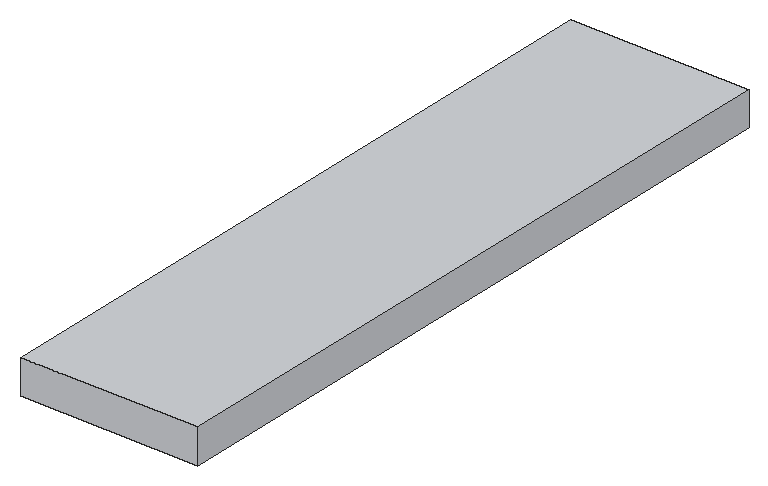
Revit family "ERK9985W_RAD770N", category 照明器具, Revit 2020
Family settings
  丸型コネクタ寸法 = 直径を使用
  パーツ タイプ = 標準
  OmniClass 番号 = 23.80.70.11.14
  OmniClass タイトル = General Luminaries, Directional
  作業面ベース = いいえ
  常に垂直 = はい
  ロード時にボイドで切り取り = はい
  光源 = はい
  共有 = いいえ
  部屋計算ポイント = いいえ
Parameters (values of type "ERK9985W_RAD770N")
  電源種別_記号 = "AC"
  電源種別 = ""
  防災用照明器具電源種別 = ""
  防災用照明器具種類 = ""
  運転質量 = 0.00 kg
  質量 = 0.00 kg
  負荷分類 = 8_照明
  積算_科目2 = "[1_1]照明"
  説明 = "ベースライト 下面開放 40Wタイプ W+300 埋込"
  誘導灯形式 = ""
  誘導灯仕様 = ""
  認定番号 = ""
  設置方法 = ""
  記号 = ""
  製造元 = "株式会社遠藤照明"
  製品質量 = 0.00 kg
  製品出荷対象 = ""
  製品リリース年月 = "2023.04"
  製品グループ = ""
  背面形式 = ""
  系統 [instance] = ""
  符号 = ""
  積算_科目 = "1 電灯設備"
  積算_拾い区分 = ""
  種別 [instance] = ""
  相 = 1
  皮相負荷 = 0 VA
  用途 = "E_一般照明"
  特殊仕様 [instance] = ""
  照明制御装置の種類 = ""
  法定耐用年数 = ""
  極数 = 1
  材質_本体 = none
  材質_反射板 = none
  材質_ルーバー = none
  材質_カバー = none
  材質 = ""
  既定の高さ = 0 mm
  形式 = "ベースライト"
  平均演色評価数(Ra) = 82
  定格消費電力 = 24.1 W
  定格入力電流 = 0 A
  定格入力電圧 = 0 V
  定格入力容量 = 0 VA
  定格光束 = 4000 lm
  安定器_蛍光灯 = ""
  安定器_定格電圧 = 0 V
  安定器_入力電流 = 0 A
  安定器_入力電力 = 0 W
  安定器_二次電圧 = 0 V
  埋込高さ = "58"
  埋込穴寸法 = "300x1257"
  固有エネルギー消費効率(lm/W) = 165.9
  器具サイズ = ""
  呼称 = "ベースライト"
  周波数 = 0 Hz
  参照している仕様書等のバージョン = ""
  分類コード = "40305100000000"
  分類グループ = ""
  公共型番 = "LRS20-4-37"
  傾斜角 = 90.00°
  価格 = 32700
  企業コード = "6932"
  付属品 = ""
  仕様書バージョン = ""
  仕様 = ""
  Wattage = 26.9284 W
  built-in parameter 1150110 = 1 (stored number, unit not read)
  built-in parameter 1114217 = 1 (stored number, unit not read)
  built-in parameter 1150109 = 1 (stored number, unit not read)
  built-in parameter 1150134 = 2
  ランプの種類 = "LED"
  ランプ_電流 = 0 A
  ランプ_本数 = 0
  ランプ_定格消費電力 = 0 W
  ランプ_定格消費効率(lm/W) = 0
  ランプ_大きさ = ""
  ランプ_全光束 = 0 lm
  ランプ = "LED"
  モデル = "ERK9985W_RAD770N"
  フォトメトリック Web ファイル = "ERK9985W_RAD770N.IES"
  イメージ(タイプ) = <なし>
  シンボル表示 = yes
  built-in parameter 1150113 = 1 (stored number, unit not read)
  Lumens = 4000 lm
  built-in parameter 1150115 = 1 (stored number, unit not read)
  built-in parameter 1150105 = 318.31 (stored number, unit not read)
  built-in parameter 1150137 = (empty or 0)
  built-in parameter 1150139 = (empty or 0)
  built-in parameter 1150112 = 1 (stored number, unit not read)
  built-in parameter 1150114 = 1 (stored number, unit not read)
  built-in parameter 1150132 = 2
  built-in parameter 1150102 = (empty or 0)
  built-in parameter 1150138 = (empty or 0)
  built-in parameter 1150107 = 5000 (stored number, unit not read)
  built-in parameter 1150106 = 3.1831 (stored number, unit not read)
  built-in parameter 1150104 = 13.8 (stored number, unit not read)
  Dimming Lamp Color Temperature Shift = (empty or 0)
  サービススペース表示 = no
  コメント = ""
  グレア分類 = ""
  Keynote = ""
  Color Filter = 16777215
  built-in parameter 1114218 = 1 (stored number, unit not read)
  built-in parameter 1150133 = 10 (stored number, unit not read)
  カバー形状 = ""
  built-in parameter 1150142 = "IESNA:LM-63-2002\r\n[TEST] ERK9985W_RAD770N  IJA5K(update:11111111)\r\n[MANUFAC] ENDO LIGHTING CORP.\r\n[LUMCAT] ERK9985W_RAD770N\r\n[LAMP] 40W4000lmÀ²Ìß_SD??°½Þ_5000K 5000K\r\n[LAMPCAT] 40W4000lmÀ²??_SD¼Ø°??_5000K 4136 lm x1 5000K\r\nTILT=NONE\r\n1 4136 1.0 19 19 1 2 0 0 0\r\n1 1 0\r\n0 5 10 15 20 25 30 35 40 45 50 55 60 65 70 75 80 85 90 \r\n0 5 10 15 20 25 30 35 40 45 50 55 60 65 70 75 80 85 90 \r\n1338.0759 1337.5082 1320.8177 1292.9435 1255.3048 1207.6745 1151.0745 1082.3825 1007.4457 927.0022 841.3926 751.4684 658.3651 565.6252 475.7124 385.3114 280.0819 156.7314\r\n1.307\r\n1338.0759 1337.054 1319.8526 1292.2623 1254.6236 1207.0501 1150.5068 1081.5309 1006.5374 926.2642 840.9384 750.9007 657.7974 564.7679 475.139 384.7039 279.6221 156.4703\r\n1.3085\r\n1338.0759 1335.9186 1318.6605 1291.0701 1253.3179 1205.8011 1149.3147 1080.3955 1005.0046 924.5611 839.3488 749.3112 656.2079 563.0421 472.8398 382.8078 278.5037 155.6414\r\n1.3142\r\n1338.0759 1335.0671 1317.6954 1289.8212 1251.7283 1203.9277 1147.7251 1078.6356 1002.8473 922.4038 836.9077 746.6997 653.3694 559.5962 469.2519 379.464 276.1023 153.8418\r\n1.32\r\n1338.0759 1334.3291 1316.9574 1288.7993 1250.5929 1202.3381 1146.3058 1077.1028 1000.5197 919.5085 833.5015 743.0096 649.2251 555.1397 463.9325 374.3093 272.4009 151.026\r\n1.3286\r\n1338.0759 1332.7395 1314.9136 1286.642 1248.1518 1199.7267 1143.4673 1074.7753 997.5109 916.2158 829.8682 739.5467 644.1726 549.1107 457.0406 367.5706 267.3143 147.2224\r\n1.3357\r\n1338.0759 1331.1499 1313.3808 1284.6551 1245.5403 1196.7179 1139.5502 1071.6529 993.6505 911.7877 825.2698 734.3806 638.5523 542.5026 448.7124 359.1516 260.7233 142.4651\r\n1.3444\r\n1338.0759 1330.0145 1312.1886 1283.179 1243.0992 1193.8793 1135.4059 1068.3035 989.7334 906.4513 819.536 727.6249 631.9669 534.7478 439.2318 348.3936 252.3496 136.7653\r\n1.3516\r\n1338.0759 1330.1848 1312.0751 1282.0436 1241.3961 1191.5518 1132.1133 1065.4649 986.4407 901.1149 813.2345 720.5854 624.4733 526.272 429.6092 336.4037 242.5965 130.3446\r\n1.3587\r\n1338.0759 1330.2984 1312.0751 1281.7598 1240.5445 1189.8487 1129.5018 1061.4342 983.6022 896.6868 806.933 713.3756 616.1848 516.9333 419.1237 323.778 231.8953 123.3221\r\n1.366\r\n1338.0759 1330.2984 1312.0751 1281.4759 1239.2388 1187.8049 1126.7769 1057.4036 980.7069 893.678 801.4263 706.6767 608.1234 507.4583 407.9173 310.8231 220.6491 115.9987\r\n1.3717\r\n1338.0759 1330.2984 1311.6209 1280.9082 1238.217 1185.9315 1124.3357 1053.6567 975.9382 890.6692 797.2821 700.2048 600.8001 498.4091 397.0004 297.6807 208.2959 108.2553\r\n1.3717\r\n1338.0759 1329.4468 1310.6559 1279.7728 1236.5138 1183.2065 1120.8727 1050.364 971.2262 886.1843 793.9894 694.3007 593.0225 489.6438 386.5149 284.7939 192.9679 100.1258\r\n1.3645\r\n1338.0759 1329.901 1310.9397 1279.3186 1236.0597 1182.2414 1118.8858 1047.1849 967.6497 880.9047 790.2425 691.5758 586.8346 481.7471 377.0343 272.9175 178.0884 91.9111\r\n1.3559\r\n1338.0759 1332.4556 1313.097 1281.4759 1237.3654 1182.9227 1118.7155 1045.936 965.0383 878.123 785.3603 688.2831 584.5637 475.2809 368.706 262.3299 164.543 82.2147\r\n1.3444\r\n1338.0759 1332.3421 1313.097 1281.4759 1237.2519 1182.8091 1118.6019 1045.3683 963.7326 875.2844 781.8973 683.117 580.4195 473.2713 361.8085 253.1217 152.4055 70.4519\r\n1.33\r\n1338.0759 1331.8879 1312.4725 1280.4541 1236.4003 1181.9576 1117.1827 1043.8922 961.9159 872.8433 778.4911 679.0863 575.367 467.9576 360.2302 247.246 142.8852 58.1101\r\n1.3157\r\n1338.0759 1328.9927 1309.634 1277.7291 1233.3347 1178.892 1114.4009 1041.1673 959.1342 869.6642 774.8578 674.204 569.4629 460.918 352.1859 242.7384 137.6964 49.1512\r\n1.3042\r\n1338.0759 1323.713 1304.4679 1272.563 1228.6228 1174.0097 1109.9729 1037.023 955.1602 866.0877 771.2813 670.7411 566.2042 457.3302 347.877 237.0217 132.5132 45.5604\r\n1.2956\r\n"
  diameter = 0 mm
  Width = 330 mm
  Version = ""
  Uniclass2015Version = ""
  Uniclass2015Title = ""
  Uniclass2015Code = ""
  URL = "https://www.endo-lighting.co.jp/"
  SpecificationReference = ""
  SpecificationDescription = ""
  Revision = ""
  ProductInformation = ""
  OmniClassCode = "23.80.70.11.14"
  LED制御装置 = ""
  IfcTypeProduct = ""
  IfcProduct = ""
  IfcExportType = ""
  IfcExportAs = "IfcLightFixtureType"
  Height = 64 mm
  Depth = 1280 mm
  Clearance Top = 0 mm
  Clearance Right = 0 mm
  Clearance Left = 0 mm
  Clearance Front = 0 mm
  Clearance Bottom = 0 mm
  Clearance Back = 0 mm
  Author = "遠藤照明"
Reference planes
  plane 1 "光源軸(正面/背面)": y = 0
  plane 2: z = 0
  plane 3 "光源軸(左/右)": x = 0
  plane 4 "光源高さ": z = -5
  plane 5: x = 165
  plane 6: x = -165
  plane 7: y = 640
  plane 8: y = -640
  plane 9: z = 64
  plane 10: z = 0
  plane 11: z = 62
  plane 12: z = -2
Forms (mm)
  Extrusion 1, solid
    sketch origin (0, 0, 0) x (1, 0, 0) y (0, 0, 1)
      loop
        line (-165, 64) -> (-165, 0) -> (165, 0) -> (165, 64) -> (-165, 64)
    from 640 to -640
  Extrusion 2, solid, material "発光面"
    sketch origin (0, 0, 0) x (1, 0, 0) y (0, 0, 1)
      loop
        line (-165, -2) -> (165, -2) -> (165, 0) -> (-165, 0) -> (-165, -2)
    from 640 to -640
  Extrusion 3, void
    sketch origin (-20, -18.5, 0) x (1, 0, 0) y (0, 1, 0)
      loop
        line (-145, -621.5) -> (185, -621.5) -> (185, 658.5) -> (-145, 658.5) -> (-145, -621.5)
    from 64 <- "Height" to 0
Lines and regions (mm)
  symbolic lines, detail levels fine
    curve 1: line (-165, 640, 0) -> (-165, -640, 0)
    curve 2: line (165, -640, 0) -> (165, 640, 0)
    curve 3: line (165, 640, 0) -> (-165, 640, 0)
    curve 4: line (-165, -640, 0) -> (165, -640, 0)
Dimensions and locks
  equal spacing: plane 6, plane 3 "光源軸(左/右)", plane 5
  "Width": plane 6 to plane 5
  equal spacing: plane 8, plane 1 "光源軸(正面/背面)", plane 7
  "Depth": plane 8 to plane 7
  "Height": plane 9 to plane 2
  locked: plane 9 to plane 11 at 2
  plane 10 to plane 4 "光源高さ" = 5 mm
  aligned and locked: plane 3 "光源軸(左/右)" to imposter light
  aligned and locked: plane 1 "光源軸(正面/背面)" to imposter light
  aligned and locked: plane 4 "光源高さ" to imposter light
  aligned and locked: level to plane 2
  aligned and locked: plane 6 to Extrusion 1 sketch curve
  aligned and locked: plane 2 to Extrusion 1 sketch curve
  aligned and locked: plane 5 to Extrusion 1 sketch curve
  aligned and locked: plane 7 to Extrusion 1
  aligned and locked: plane 8 to Extrusion 1
  aligned and locked: plane 7 to Extrusion 2
  aligned and locked: plane 8 to Extrusion 2
  aligned and locked: plane 12 to Extrusion 2 sketch curve
  aligned and locked: plane 6 to Extrusion 2 sketch curve
  aligned and locked: Extrusion 2 sketch curve to Extrusion 1  (x2)
  aligned and locked: Extrusion 3 to Extrusion 1  (x2)
  aligned and locked: Extrusion 3 sketch curve to Extrusion 1
Automatic sketch dimensions
  plane 9 to Extrusion 1 sketch curve = 0 mm
  Extrusion 3 sketch curve to plane 6 = 0 mm
  Extrusion 3 sketch curve to plane 5 = 0 mm
  Extrusion 3 sketch curve to plane 1 "光源軸(正面/背面)" = 640 mm
  curve 1 to plane 7 = 0 mm
  curve 1 to plane 6 = 0 mm
  curve 3 to plane 5 = 0 mm
  plane 8 to curve 2 = 0 mm
Nested families
  nested 1: "symbol_line" at (0, 0, 0) x (0, -1, 0) z (0, 0, 1), visible <- "シンボル表示", type "1/100", detail levels coarse+medium
Connectors
  electrical at (0, 0, 64), driven by "極数", driven by "負荷分類", driven by "皮相負荷", driven by "定格入力電圧"
    settings: on Extrusion 1, index 1, voltage 0 V, apparent load 0 VA, apparent load phase1 0 VA, apparent load phase2 0 VA, apparent load phase3 0 VA, power factor 1, load classification "8_照明", number of poles 1, system type 30, power factor state 1, is connector primary yes, connector utility no, sub classification motor no, connector description ""
Definition of nested family "symbol_line"
  Parameters (values of type "1/100")
    縮尺倍率 = if([縮尺1/50], 1.25, if([縮尺1/100], 1, if([縮尺1/200], 0.8, 0)))  # 1
    縮尺1/50 = no
    縮尺1/200 = no
    縮尺1/100 = yes
    W = 12 mm * 縮尺倍率  # 12 mm
    D = 1.5 mm * 縮尺倍率  # 1.5 mm
  Reference planes
    plane 1: y = 0
    plane 2: x = 0
  Lines and regions (mm)
    Masking region 1
      outline origin (0, 0, 0) x (1, 0, 0) y (0, 1, 0)
        loop
          line (-6, 0.75) -> (-6, -0.75) -> (6, -0.75) -> (6, 0.75) -> (-6, 0.75)
    reference lines
      curve 1: line (-304.8, 0.75, 0) -> (304.8, 0.75, 0)
      curve 2: line (304.8, -0.75, 0) -> (-304.8, -0.75, 0)
      curve 3: line (-6, -304.8, 0) -> (-6, 304.8, 0)
      curve 4: line (6, 304.8, 0) -> (6, -304.8, 0)
      curve 5: line (-6, 0.75, 0) -> (6, 0.75, 0)
      curve 6: line (-6, -0.75, 0) -> (-6, 0.75, 0)
      curve 7: line (6, 0.75, 0) -> (6, -0.75, 0)
    detail lines
      curve 8: line (-6, 0.75, 0) -> (6, 0.75, 0)
      curve 9: line (-6, -0.75, 0) -> (-6, 0.75, 0)
      curve 10: line (6, 0.75, 0) -> (6, -0.75, 0)
      curve 11: line (6, -0.75, 0) -> (-6, -0.75, 0)
  Dimensions and locks
    equal spacing: curve 2, plane 1, curve 1, locked at 0.75 each
    equal spacing: curve 3, plane 2, curve 4, locked at 6 each
    "W": curve 3 to curve 4
    "D": curve 2 to curve 1
    aligned and locked: curve 1 to curve 5
    aligned and locked: curve 3 to curve 6
    aligned and locked: curve 4 to curve 7
    aligned and locked: curve 9 to curve 6
    aligned and locked: curve 10 to curve 7
    aligned and locked: curve 1 to curve 8
    aligned and locked: curve 2 to curve 11
    aligned and locked: Masking region 1 sketch curve to curve 8
    aligned and locked: Masking region 1 sketch curve to curve 10
    aligned and locked: Masking region 1 sketch curve to curve 11
    aligned and locked: Masking region 1 sketch curve to curve 9
  Automatic sketch dimensions
    curve 1 to curve 5 = 298.8 mm
    curve 2 to curve 1 = 0 mm  (x2)
    curve 5 to curve 1 = 298.8 mm
    curve 4 to curve 7 = 304.05 mm
    curve 3 to curve 4 = 0 mm  (x2)
    curve 5 to curve 3 = 304.05 mm
